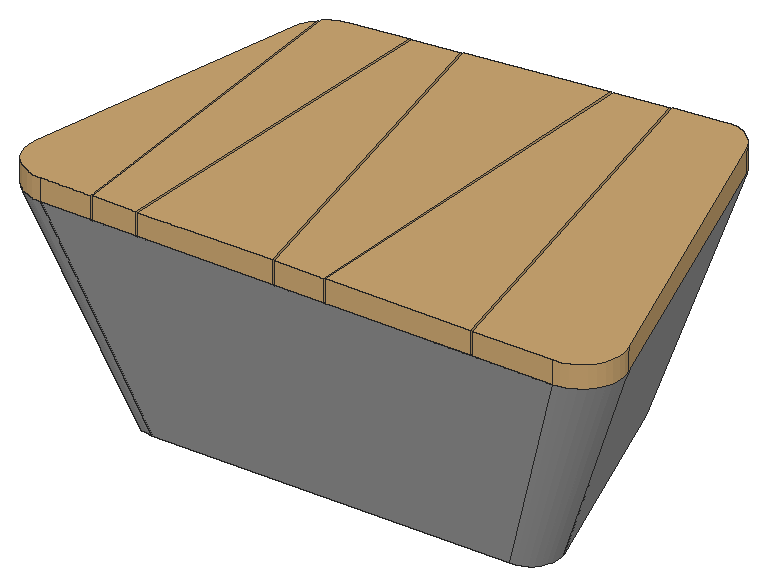
Revit family "L-FUR_벤치_YB-221_예건", category 일반 모델, Revit 2019
Family settings
  보강 철근 호스트 가능 = 아니오
  원형 커넥터 치수 = 지름 사용
  부품 유형 = 보통
  작업 기준면 기반 = 아니오
  항상 수직 = 예
  로드될 때 보이드를 사용하여 절단 = 아니오
  공유 = 아니오
  룸 계산 점 = 아니오
Parameters
  한국산업규격KS = ""
  조달청표준공사코드-세부공종 = ""
  건설정보분류체계-부위분류 = "E94335"
  LIM_INFO_주의사항 = "재배포, 재가공, 판매 금지"
  LIM_INFO_제품업체 = "예건"
  LIM_INFO_제품번호 = "YF-16"
  LIM_INFO_제품명 = "펜스_YF-16"
  LIM_INFO_제작일 = "2021.12."
  LIM_INFO_재료 = "Hardwood, STL-pipe, STL-plate"
  LIM_INFO_업체정보 = ""
  LIM_INFO_업체URL = "https://yekun.com/"
  LIM_INFO_업체TEL = "(+82)31-943-6114"
  LIM_INFO_업체EMAIL = "yekun@yekun.com"
  LIM_INFO_버전 = "2022_V01"
  LIM_INFO_기타정보 = ""
  LIM_INFO_규격 = "W2000 x H1800"
  LIM_INFO_가격 = 0
  LIM_INFO_PV_포장재여부 = yes
  LIM_INFO_PV_면적 = 0.00 m²
  KBIMS_식별-버전 = ""
  KBIMS_식별-bSK등록번호 = ""
  KBIMS_보급정보-저작자 = "림인포테크_MMJ"
  KBIMS_보급정보-보급코드 = ""
Reference planes
  plane 1 "중심(앞/뒤)": y = 0
  plane 2: z = 0
  plane 3 "중심(왼쪽/오른쪽)": x = 0
Dimensions and locks
  aligned and locked: level to plane 2
Nested families
  nested 1: "YB-221_base" at (0, 0, 0), type "YB-221_base"
Definition of nested family "YB-221_base"
  Reference planes
    plane 1 "중심(앞/뒤)": y = 0
    plane 2: z = 0
    plane 3 "중심(왼쪽/오른쪽)": x = 0
  Forms (mm)
    Blend 1, solid, detail levels fine
      base sketch origin (0.262, -0.272, 0) x (1, 0, 0) y (0, 1, 0)
        loop
          arc (94.455, 438.487) -> (68.278, 424.557) -> (54.929, 398.078) r 49
          line (54.929, 398.078) -> (0, 56.733)
          arc (0, 56.733) -> (11.817, 16.325) -> (50.624, 0) r 49
          line (50.624, 0) -> (683.275, 29.038)
          arc (683.275, 29.038) -> (722.374, 51.69) -> (726.313, 96.704) r 49
          line (726.313, 96.704) -> (565.57, 485.599)
          arc (565.57, 485.599) -> (543.717, 509.916) -> (511.434, 515.075) r 49
          line (511.434, 515.075) -> (94.455, 438.487)
      top sketch origin (0.262, -0.272, 0) x (1, 0, 0) y (0, 1, 0)
        loop
          arc (-1.789, 516.669) -> (-39.185, 496.768) -> (-58.255, 458.942) r 70
          line (-58.255, 458.942) -> (-136.725, -28.693)
          arc (-136.725, -28.693) -> (-119.843, -86.42) -> (-64.404, -109.741) r 70
          line (-64.404, -109.741) -> (839.383, -68.258)
          arc (839.383, -68.258) -> (895.238, -35.898) -> (900.865, 28.408) r 70
          line (900.865, 28.408) -> (671.232, 583.971)
          arc (671.232, 583.971) -> (640.014, 618.71) -> (593.895, 626.08) r 70
          line (593.895, 626.08) -> (-1.789, 516.669)
      from 0 to 390
    Extrusion 2, solid, detail levels fine
      sketch origin (-1218.968, -485.539, 0) x (1, 0, 0) y (0, 1, 0)
        loop
          line (1813.125, 1111.348) -> (1733.225, 1096.673) -> (1917.019, 410.511) -> (2058.613, 417.01)
          arc (2058.613, 417.01) -> (2114.469, 449.369) -> (2120.095, 513.676) r 70
          line (2120.095, 513.676) -> (1890.462, 1069.239)
          arc (1890.462, 1069.239) -> (1859.244, 1103.977) -> (1813.125, 1111.348) r 70
        loop
          line (1635.3, 1078.686) -> (1400, 1035.468) -> (1567.713, 394.478) -> (1654.134, 398.444) -> (1635.3, 1078.686)
        loop
          line (1729.279, 1095.948) -> (1639.281, 1079.417) -> (1658.131, 398.628) -> (1912.928, 410.323) -> (1729.279, 1095.948)
        loop
          line (1396.055, 1034.743) -> (1318.088, 1020.423) -> (1327.229, 383.44) -> (1563.627, 394.29) -> (1396.055, 1034.743)
        loop
          line (1314.098, 1019.69) -> (1217.441, 1001.937)
          arc (1217.441, 1001.937) -> (1198.334, 995.472) -> (1181.863, 983.828) r 70
          line (1181.863, 983.828) -> (1247.3, 379.771) -> (1323.231, 383.256) -> (1314.098, 1019.69)
        loop
          arc (1178.241, 980.121) -> (1166.999, 963.42) -> (1160.976, 944.21) r 70
          line (1160.976, 944.21) -> (1082.506, 456.574)
          arc (1082.506, 456.574) -> (1099.387, 398.847) -> (1154.826, 375.526) r 70
          line (1154.826, 375.526) -> (1243.297, 379.587) -> (1178.241, 980.121)
      from 390 to 430
    Blend 3, solid, detail levels coarse+medium
      base sketch origin (0.262, -0.272, 0) x (1, 0, 0) y (0, 1, 0)
        loop
          line (550.426, 522.237) -> (60.426, 432.237) -> (-9.574, -2.763) -> (752.959, 32.237) -> (550.426, 522.237)
      top sketch origin (0.262, -0.272, 0) x (1, 0, 0) y (0, 1, 0)
        loop
          line (104.908, 536.267) -> (-50.402, 507.74) -> (-150.402, -113.688) -> (33.703, -105.238) -> (100.919, -102.153) -> (357.491, -90.376) -> (435.242, -86.807) -> (711.428, -74.131) -> (938.931, -63.688) -> (649.598, 636.312) -> (497.307, 608.34) -> (436.09, 597.096) -> (171.191, 548.441) -> (104.908, 536.267)
      from 0 to 390
    Extrusion 4, solid, detail levels coarse+medium
      sketch origin (0.262, -0.272, 0) x (1, 0, 0) y (0, 1, 0)
        loop
          line (938.931, -63.688) -> (649.598, 636.312) -> (-50.402, 507.74) -> (-150.402, -113.688) -> (938.931, -63.688)
      from 390 to 430
  Lines and regions (mm)
    model lines
      curve 1: line (55.191, 397.806, 0) -> (0.262, 56.462, 0)
      curve 2: line (94.717, 438.215, 0) -> (511.696, 514.803, 0)
      curve 3: line (565.832, 485.327, 0) -> (726.575, 96.433, 0)
      curve 4: line (50.887, -0.272, 0) -> (683.538, 28.767, 0)
  Dimensions and locks
    aligned and locked: level to plane 2
